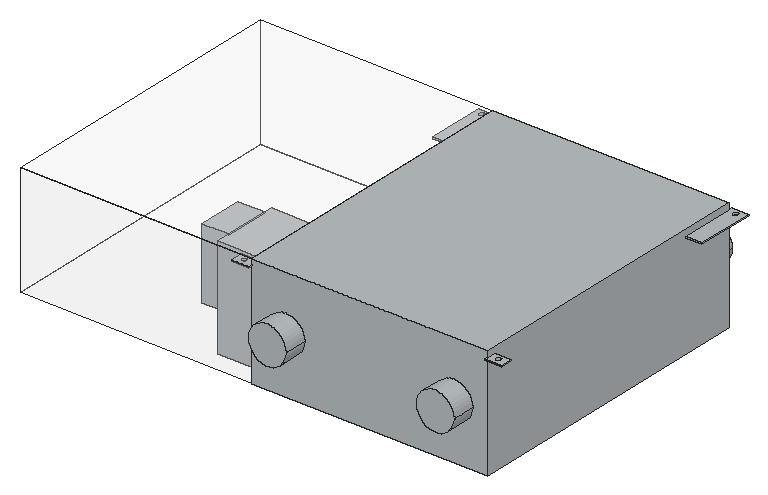
Revit family "lgh-rn15_100rxv(d)-c_50Hz", category 機械設備, Revit 2019
Family settings
  丸型コネクタ寸法 = 直径を使用
  パーツ タイプ = 割り込み
  OmniClass 番号 = 23.75.10.34.21
  OmniClass タイトル = Heat Exchangers for Ventilation Air
  作業面ベース = いいえ
  常に垂直 = はい
  ロード時にボイドで切り取り = いいえ
  共有 = いいえ
  部屋計算ポイント = はい
Parameters (values of type "LGH-RN15RXV-C")
  騒音レベル(dB(A)) = 31
  風量 = MAX風量  # 150.0 m³/h
  面風速 = 5.31 m/s
  電源種別 [instance] = "一般"
  電圧 = 100 V
  電動機出力 = 0 W
  集中コントローラ = ""
  運転質量 = 0.00 kg
  連動 [instance] = ""
  質量 = if(製品質量 > 運転質量, 製品質量, 運転質量) * 1.2  # 27.60 kg
  負荷分類 = 3_ファン類
  説明 = "業務用ロスナイ 天井埋込形 DCリプレースマイコン CO2センサー付"
  設計風量 = 0.0 m³/h
  設置方法 = "天井吊(隠ぺい)形"
  記号 [instance] = ""
  製造元 = "三菱電機株式会社"
  製品質量 = 23.00 kg
  製品出荷対象 = "国内"
  製品リリース年月 = "2020年10月1日"
  製品グループ = ""
  系統 [instance] = ""
  符号 [instance] = "HEU"
  積算_科目 = "1 空気調和設備"
  積算_拾い区分 [instance] = ""
  相 = 1
  盤記号 [instance] = ""
  発停方法 [instance] = "別売リモコン"
  特殊仕様 [instance] = ""
  点検口高さ = -Height / 2  # -145 mm
  点検口 = yes
  火災停止 [instance] = ""
  温度交換効率_特強 = 74.00%
  温度交換効率_強 = 74.00%
  温度交換効率_弱 = 78.00%
  消費電力 = 85 W
  法定耐用年数 = "15"
  機外静圧_排気 = 210.0 Pa
  機外静圧 = 210.0 Pa
  極数 = 2
  材質 [instance] = ""
  本体マテリアル = 溶融亜鉛めっき鋼板
  操作・制御方式 = ""
  操作・制御スイッチ = ""
  排気量 = 0.0 m³/h
  形式 = "天井埋込ダクト形"
  形名 = LGH-RN-1 : LGH-RN15-1
  幹線記号 [instance] = ""
  対象室 [instance] = ""
  実風量 = 0.0 m³/h
  始動方式 [instance] = "直入"
  外気量 = 設計風量  # 0.0 m³/h
  呼称 = "全熱交換ユニット"
  周波数 = 50 Hz
  天吊金具ピッチ幅 = 658 mm
  天吊金具ピッチ奥行 = 768 mm
  参照している仕様書等のバージョン = "公共建築工事標準仕様書（機械設備工事編）平成31年度版"
  初期抵抗 = 0.0 Pa
  分類コード = "50052504100070"
  分類グループ = ""
  価格 = 412200
  企業コード = "108420"
  付属品_フィルター_還気 = ""
  付属品_フィルター = ""
  付属品 [instance] = ""
  仕様書バージョン = "Version1.0"
  モデル = "LGH-RN15RXV-C"
  ドレン管径 = 0 mm
  OAダクト変更表示 = no
  EAダクト変更表示 = no
  サービススペース = yes
  コメント [instance] = ""
  Keynote = ""
  エンタルピ交換効率_暖房_特強 = 75.50%
  エンタルピ交換効率_暖房_強 = 75.50%
  エンタルピ交換効率_暖房_弱 = 79.00%
  エンタルピ交換効率_冷房_特強 = 64.50%
  エンタルピ交換効率_冷房_強 = 64.50%
  エンタルピ交換効率_冷房_弱 = 69.00%
  Width = 610 mm
  Version = ""
  Uniclass2015Version = "Systems v1.9"
  Uniclass2015Title = "Thermal wheels"
  Uniclass2015Code = "Pr_60_60_36_88"
  URL = "https://www.mitsubishielectric.co.jp/ldg/wink/ssl/displayProduct.do?pid=309810"
  SpecificationReference = ""
  SpecificationDescription = ""
  SMAX風量 = 150.0 m³/h
  SMAX静圧 = 210.0 Pa
  SAサイズ_D = 97.5 mm
  Revision = ""
  RAサイズ_D = 97.5 mm
  ProductInformation = ""
  OmniClassCode = "23-27 23 19 11"
  OAサイズ_W = 0 mm
  OAサイズ_D = 97.5 mm
  MIN風量 = 66.0 m³/h
  MIN静圧 = 35.0 Pa
  MID風量 = 108.0 m³/h
  MID静圧 = 93.0 Pa
  MAX風量 = 150.0 m³/h
  MAX静圧 = 180.0 Pa
  M = 59 mm
  IfcTypeProduct = ""
  IfcProduct = ""
  IfcExportType = "ROTARYWHEEL"
  IfcExportAs = "IfcAirToAirHeatRecoveryType"
  Height = 290 mm
  EAサイズ_W = 0 mm
  EAサイズ_D = 97.5 mm
  Depth = 780 mm
  Clearance Top = 0 mm  # constant formula
  Clearance Right = 0 mm  # constant formula
  Clearance Left = 600 mm  # constant formula
  Clearance Front = 0 mm  # constant formula
  Clearance Bottom = 0 mm  # constant formula
  Clearance Back = 0 mm  # constant formula
  Author = "三菱電機株式会社"
Types (14, lengths in mm): name | 騒音レベル(dB(A)) | 風量 | 面風速 | 電圧 | 質量 | 製品質量 | 点検口高さ | 温度交換効率_特強 | 温度交換効率_強 | 温度交換効率_弱 | 消費電力 | 機外静圧_排気 | 機外静圧 | 極数 | 形名 | 天吊金具ピッチ幅 | 天吊金具ピッチ奥行 | 参照している仕様書等のバージョン | 価格 | モデル | エンタルピ交換効率_暖房_特強 | エンタルピ交換効率_暖房_強 | エンタルピ交換効率_暖房_弱 | エンタルピ交換効率_冷房_特強 | エンタルピ交換効率_冷房_強 | エンタルピ交換効率_冷房_弱 | Width | URL | SMAX風量 | SMAX静圧 | SAサイズ_D | RAサイズ_D | OAサイズ_D | MIN風量 | MIN静圧 | MID風量 | MID静圧 | MAX風量 | MAX静圧 | M | Height | EAサイズ_D | Depth
  LGH-RN15RXVD-C | 31 | 150.0 m³/h | 5.31 m/s | 200 V | 27.60 kg | 23.00 kg | -145 | 74.00% | 74.00% | 78.00% | 85 W | 210.0 Pa | 210.0 Pa | 3 | LGH-RN-1 : LGH-RN15-1 | 658 | 768 | "公共建築工事標準仕様書（機械設備工事編）平成31年度版" | 412200 | "LGH-RN15RXVD-C" | 75.50% | 75.50% | 79.00% | 64.50% | 64.50% | 69.00% | 610 | "https://www.mitsubishielectric.co.jp/ldg/wink/ssl/displayProduct.do?pid=309809" | 150.0 m³/h | 210.0 Pa | 97.5 | 97.5 | 97.5 | 66.0 m³/h | 35.0 Pa | 108.0 m³/h | 93.0 Pa | 150.0 m³/h | 180.0 Pa | 59 | 290 | 97.5 | 780
  LGH-RN25RXVD-C | 30 | 250.0 m³/h | 3.93 m/s | 200 V | 28.80 kg | 24.00 kg | -145 | 70.00% | 70.00% | 78.00% | 110 W | 170.0 Pa | 170.0 Pa | 3 | LGH-RN-1 : LGH-RN25-1 | 782 | 768 | "公共建築工事標準仕様書（機械設備工事編）平成31年度版" | 433200 | "LGH-RN25RXVD-C" | 73.00% | 73.00% | 78.50% | 63.00% | 63.00% | 68.50% | 735 | "https://www.mitsubishielectric.co.jp/ldg/wink/ssl/displayProduct.do?pid=309804" | 250.0 m³/h | 170.0 Pa | 142 | 142 | 142 | 110.0 m³/h | 28.0 Pa | 180.0 m³/h | 75.0 Pa | 250.0 m³/h | 145.0 Pa | 69 | 290 | 142 | 780
  LGH-RN35RXVD-C | 33 | 350.0 m³/h | 5.5 m/s | 200 V | 39.60 kg | 33.00 kg | -165 | 71.50% | 71.50% | 75.00% | 210 W | 300.0 Pa | 300.0 Pa | 3 | LGH-RN-1 : LGH-RN35-1 | 921 | 875 | "公共建築工事標準仕様書（機械設備工事編）平成31年度版" | 458200 | "LGH-RN35RXVD-C" | 74.50% | 74.50% | 78.50% | 65.50% | 65.50% | 66.50% | 875 | "https://www.mitsubishielectric.co.jp/ldg/wink/ssl/displayProduct.do?pid=309808" | 350.0 m³/h | 300.0 Pa | 142 | 142 | 142 | 154.0 m³/h | 36.0 Pa | 252.0 m³/h | 96.0 Pa | 350.0 m³/h | 185.0 Pa | 69 | 330 | 142 | 890
  LGH-RN50RXVD-C | 37 | 500.0 m³/h | 4.42 m/s | 200 V | 44.40 kg | 37.00 kg | -165 | 71.00% | 71.00% | 75.00% | 315 W | 310.0 Pa | 310.0 Pa | 3 | LGH-RN-1 : LGH-RN50-1 | 1063 | 875 | "公共建築工事標準仕様書（機械設備工事編）平成31年度版" | 519200 | "LGH-RN50RXVD-C" | 73.00% | 73.00% | 77.50% | 63.00% | 63.00% | 66.50% | 1020 | "https://www.mitsubishielectric.co.jp/ldg/wink/ssl/displayProduct.do?pid=309806" | 500.0 m³/h | 310.0 Pa | 192 | 192 | 192 | 220.0 m³/h | 37.0 Pa | 360.0 m³/h | 98.0 Pa | 500.0 m³/h | 190.0 Pa | 84 | 330 | 192 | 890
  LGH-RN65RXVD-C | 40 | 650.0 m³/h | 5.75 m/s | 200 V | 51.60 kg | 43.00 kg | -202 | 71.50% | 71.50% | 76.00% | 445 W | 320.0 Pa | 320.0 Pa | 3 | LGH-RN-1 : LGH-RN65-1 | 1001 | 895 | "公共建築工事標準仕様書（機械設備工事編）平成31年度版" | 629200 | "LGH-RN65RXVD-C" | 72.00% | 72.00% | 76.00% | 63.00% | 63.00% | 67.00% | 892 | "https://www.mitsubishielectric.co.jp/ldg/wink/ssl/displayProduct.do?pid=309802" | 650.0 m³/h | 320.0 Pa | 192 | 192 | 192 | 286.0 m³/h | 45.0 Pa | 468.0 m³/h | 119.0 Pa | 650.0 m³/h | 230.0 Pa | 84 | 404 | 192 | 984
  LGH-RN80RXVD-C | 40 | 800.0 m³/h | 4.53 m/s | 200 V | 63.60 kg | 53.00 kg | -202 | 73.00% | 73.00% | 76.50% | 540 W | 310.0 Pa | 310.0 Pa | 3 | LGH-RN-1 : LGH-RN80-1 | 1051 | 1131 | "公共建築工事標準仕様書（機械設備工事編）平成31年度版" | 713200 | "LGH-RN80RXVD-C" | 75.00% | 75.00% | 78.00% | 65.00% | 65.00% | 68.00% | 1004 | "https://www.mitsubishielectric.co.jp/ldg/wink/ssl/displayProduct.do?pid=309801" | 800.0 m³/h | 310.0 Pa | 242 | 242 | 242 | 352.0 m³/h | 37.0 Pa | 576.0 m³/h | 98.0 Pa | 800.0 m³/h | 190.0 Pa | 84 | 404 | 242 | 1144
  LGH-RN100RXVD-C | 38 | 1000.0 m³/h | 5.66 m/s | 200 V | 69.60 kg | 58.00 kg | -202 | 73.00% | 73.00% | 75.00% | 580 W | 225.0 Pa | 225.0 Pa | 3 | LGH-RN-1 : LGH-RN100-1 | 1278 | 1131 | "" | 785200 | "LGH-RN100RXVD-C" | 75.00% | 75.00% | 76.50% | 65.00% | 65.00% | 67.50% | 1231 | "https://www.mitsubishielectric.co.jp/ldg/wink/ssl/displayProduct.do?pid=309812" | 1000.0 m³/h | 225.0 Pa | 242 | 242 | 242 | 440.0 m³/h | 32.0 Pa | 720.0 m³/h | 86.0 Pa | 1000.0 m³/h | 165.0 Pa | 84 | 404 | 242 | 1144
  LGH-RN15RXV-C | 31 | 150.0 m³/h | 5.31 m/s | 100 V | 27.60 kg | 23.00 kg | -145 | 74.00% | 74.00% | 78.00% | 85 W | 210.0 Pa | 210.0 Pa | 2 | LGH-RN-1 : LGH-RN15-1 | 658 | 768 | "公共建築工事標準仕様書（機械設備工事編）平成31年度版" | 412200 | "LGH-RN15RXV-C" | 75.50% | 75.50% | 79.00% | 64.50% | 64.50% | 69.00% | 610 | "https://www.mitsubishielectric.co.jp/ldg/wink/ssl/displayProduct.do?pid=309810" | 150.0 m³/h | 210.0 Pa | 97.5 | 97.5 | 97.5 | 66.0 m³/h | 35.0 Pa | 108.0 m³/h | 93.0 Pa | 150.0 m³/h | 180.0 Pa | 59 | 290 | 97.5 | 780
  LGH-RN25RXV-C | 30 | 250.0 m³/h | 3.93 m/s | 100 V | 28.80 kg | 24.00 kg | -145 | 70.00% | 70.00% | 78.00% | 110 W | 170.0 Pa | 170.0 Pa | 2 | LGH-RN-1 : LGH-RN25-1 | 782 | 768 | "公共建築工事標準仕様書（機械設備工事編）平成31年度版" | 433200 | "LGH-RN25RXV-C" | 73.00% | 73.00% | 78.50% | 63.00% | 63.00% | 68.50% | 735 | "https://www.mitsubishielectric.co.jp/ldg/wink/ssl/displayProduct.do?pid=309805" | 250.0 m³/h | 170.0 Pa | 142 | 142 | 142 | 110.0 m³/h | 28.0 Pa | 180.0 m³/h | 75.0 Pa | 250.0 m³/h | 145.0 Pa | 69 | 290 | 142 | 780
  LGH-RN35RXV-C | 33 | 350.0 m³/h | 5.5 m/s | 100 V | 39.60 kg | 33.00 kg | -165 | 71.50% | 71.50% | 75.00% | 210 W | 300.0 Pa | 300.0 Pa | 2 | LGH-RN-1 : LGH-RN35-1 | 921 | 875 | "公共建築工事標準仕様書（機械設備工事編）平成31年度版" | 458200 | "LGH-RN35RXV-C" | 74.50% | 74.50% | 78.50% | 65.50% | 65.50% | 66.50% | 875 | "https://www.mitsubishielectric.co.jp/ldg/wink/ssl/displayProduct.do?pid=309803" | 350.0 m³/h | 300.0 Pa | 142 | 142 | 142 | 154.0 m³/h | 36.0 Pa | 252.0 m³/h | 96.0 Pa | 350.0 m³/h | 185.0 Pa | 69 | 330 | 142 | 890
  LGH-RN50RXV-C | 37 | 500.0 m³/h | 4.42 m/s | 100 V | 44.40 kg | 37.00 kg | -165 | 71.00% | 71.00% | 75.00% | 315 W | 310.0 Pa | 310.0 Pa | 2 | LGH-RN-1 : LGH-RN50-1 | 1063 | 875 | "公共建築工事標準仕様書（機械設備工事編）平成31年度版" | 519200 | "LGH-RN50RXV-C" | 73.00% | 73.00% | 77.50% | 63.00% | 63.00% | 66.50% | 1020 | "https://www.mitsubishielectric.co.jp/ldg/wink/ssl/displayProduct.do?pid=309807" | 500.0 m³/h | 310.0 Pa | 192 | 192 | 192 | 220.0 m³/h | 37.0 Pa | 360.0 m³/h | 98.0 Pa | 500.0 m³/h | 190.0 Pa | 84 | 330 | 192 | 890
  LGH-RN65RXV-C | 40 | 650.0 m³/h | 5.75 m/s | 100 V | 51.60 kg | 43.00 kg | -202 | 71.50% | 71.50% | 76.00% | 445 W | 320.0 Pa | 320.0 Pa | 2 | LGH-RN-1 : LGH-RN65-1 | 1001 | 895 | "公共建築工事標準仕様書（機械設備工事編）平成31年度版" | 629200 | "LGH-RN65RXV-C" | 72.00% | 72.00% | 76.00% | 63.00% | 63.00% | 67.00% | 892 | "https://www.mitsubishielectric.co.jp/ldg/wink/ssl/displayProduct.do?pid=309799" | 650.0 m³/h | 320.0 Pa | 192 | 192 | 192 | 286.0 m³/h | 45.0 Pa | 468.0 m³/h | 119.0 Pa | 650.0 m³/h | 230.0 Pa | 84 | 404 | 192 | 984
  LGH-RN80RXV-C | 40 | 800.0 m³/h | 4.53 m/s | 100 V | 63.60 kg | 53.00 kg | -202 | 73.00% | 73.00% | 76.50% | 540 W | 310.0 Pa | 310.0 Pa | 2 | LGH-RN-1 : LGH-RN80-1 | 1051 | 1131 | "公共建築工事標準仕様書（機械設備工事編）平成31年度版" | 713200 | "LGH-RN80RXV-C" | 75.00% | 75.00% | 78.00% | 65.00% | 65.00% | 68.00% | 1004 | "https://www.mitsubishielectric.co.jp/ldg/wink/ssl/displayProduct.do?pid=309800" | 800.0 m³/h | 310.0 Pa | 242 | 242 | 242 | 352.0 m³/h | 37.0 Pa | 576.0 m³/h | 98.0 Pa | 800.0 m³/h | 190.0 Pa | 84 | 404 | 242 | 1144
  LGH-RN100RXV-C | 38 | 1000.0 m³/h | 5.66 m/s | 100 V | 69.60 kg | 58.00 kg | -202 | 73.00% | 73.00% | 75.00% | 580 W | 225.0 Pa | 225.0 Pa | 2 | LGH-RN-1 : LGH-RN100-1 | 1278 | 1131 | "" | 785200 | "LGH-RN100RXV-C" | 75.00% | 75.00% | 76.50% | 65.00% | 65.00% | 67.50% | 1231 | "https://www.mitsubishielectric.co.jp/ldg/wink/ssl/displayProduct.do?pid=309813" | 1000.0 m³/h | 225.0 Pa | 242 | 242 | 242 | 440.0 m³/h | 32.0 Pa | 720.0 m³/h | 86.0 Pa | 1000.0 m³/h | 165.0 Pa | 84 | 404 | 242 | 1144
Reference planes
  plane 1 "中心(正面/背面)": y = 0
  plane 2: z = 0
  plane 3 "中心(左/右)": x = 0
  plane 4 "4": x = 0
  plane 5 "3": x = 0
  plane 6 "左": x = -305
  plane 7 "右": x = 305
  plane 8 "背面": y = 390
  plane 9 "正面": y = -390
  plane 10: z = 145
  plane 11: y = 384
  plane 12: y = -384
  plane 13: x = 329
  plane 14: x = -329
  plane 15: z = -145
  plane 16: y = 390
  plane 17: y = -390
  plane 18: x = 305
  plane 19: x = -905
  plane 20: z = 145
  plane 21: z = -145
  plane 22: y = 225
  plane 23: x = -455
  plane 24: y = -225
Dimensions and locks
  equal spacing: plane 6 "左", plane 5 "3", plane 7 "右"
  "Width": plane 6 "左" to plane 7 "右"
  equal spacing: plane 9 "正面", plane 1 "中心(正面/背面)", plane 8 "背面"
  "Depth": plane 9 "正面" to plane 8 "背面"
  equal spacing: plane 10, level, plane 15
  "Height": plane 10 to plane 15
  equal spacing: plane 14, plane 5 "3", plane 13
  "天吊金具ピッチ幅": plane 14 to plane 13
  equal spacing: plane 12, plane 1 "中心(正面/背面)", plane 11
  "天吊金具ピッチ奥行": plane 12 to plane 11
  "Clearance Front": plane 17 to plane 9 "正面"
  "Clearance Back": plane 8 "背面" to plane 16
  "Clearance Right": plane 7 "右" to plane 18
  "Clearance Left": plane 19 to plane 6 "左"
  "Clearance Bottom": plane 15 to plane 21
  "Clearance Top": plane 20 to plane 10
  plane 17 to plane 9 "正面" = 0 mm
  locked: plane 19 to plane 23 at 450
  equal spacing: plane 24, plane 1 "中心(正面/背面)", plane 22
  locked: plane 24 to plane 22 at 450
  aligned and locked: level to plane 2
  aligned and locked: nested 1 to plane 11
  aligned and locked: plane 12 to nested 1
  aligned and locked: plane 14 to nested 1
  aligned and locked: plane 13 to nested 1
  aligned and locked: plane 10 to nested 2
  aligned and locked: plane 19 to nested 3
  aligned and locked: plane 20 to nested 3
  aligned and locked: plane 21 to nested 3
  aligned and locked: plane 17 to nested 3
  aligned and locked: plane 1 "中心(正面/背面)" to nested 2
  aligned and locked: nested 2 to plane 5 "3"
  aligned and locked: plane 16 to nested 3
  aligned and locked: plane 6 "左" to nested 3
  aligned and locked: plane 23 to nested 4
  aligned and locked: nested 4 to plane 24
  aligned and locked: plane 19 to nested 4
  aligned and locked: plane 22 to nested 4
Nested families
  nested 1: "固定点" at (-329, -384, 0), type "固定点"
    with W 658 mm, D 768 mm
  nested 2: "LGH-RN-1" at (0, 0, -145) x (0, -1, 0) z (0, 0, 1), type <- "形名", type "LGH-RN15-1"
  nested 3: "サービススペース" at (-605, 0, 0), visible <- "サービススペース", type "サービススペース"
    with Width 600 mm, Height 290 mm, Depth 780 mm
  nested 4: "点検口設置範囲" at (-680, 0, -145), visible <- "点検口", built-in parameter 1001364 <- "点検口高さ", type "点検口設置範囲"
    with Width 450 mm, Depth 450 mm
Connectors
  hvac at (-217.5, -449, 0), driven by "SAサイズ_D", driven by "機外静圧", driven by "風量"
    settings: on nested 2, index 2, duct flow 150.0 m³/h, flow factor 0, pres drop 210.0 Pa, loss coef 0, conn angle 0.00°, conn width 304.8 mm, conn height 304.8 mm, conn diameter 97.5 mm, duct sys type 1, conn prof type 0, flow config 0, flow direction 2, loss method 4, conn ref index -1, conn util no, is conn primary yes, conn desc ""
  hvac at (217.5, -449, 0), driven by "RAサイズ_D", driven by "機外静圧", driven by "風量"
    settings: on nested 2, index 3, duct flow 150.0 m³/h, flow factor 0, pres drop 210.0 Pa, loss coef 0, conn angle 0.00°, conn width 304.8 mm, conn height 304.8 mm, conn diameter 97.5 mm, duct sys type 2, conn prof type 0, flow config 0, flow direction 1, loss method 4, conn ref index -1, conn util no, is conn primary no, conn desc ""
  hvac at (-217.5, 449, 0), driven by "EAサイズ_D", driven by "機外静圧", driven by "排気量"
    settings: on nested 2, index 4, duct flow 0.0 m³/h, flow factor 0, pres drop 210.0 Pa, loss coef 0, conn angle 0.00°, conn width 304.8 mm, conn height 304.8 mm, conn diameter 97.5 mm, duct sys type 3, conn prof type 0, flow config 0, flow direction 2, loss method 4, conn ref index -1, conn util no, is conn primary no, conn desc ""
  hvac at (-217.5, 449, 0), driven by "OAサイズ_D", driven by "機外静圧", driven by "外気量"
    settings: on nested 2, index 5, duct flow 0.0 m³/h, flow factor 0, pres drop 210.0 Pa, loss coef 0, conn angle 0.00°, conn width 304.8 mm, conn height 304.8 mm, conn diameter 97.5 mm, duct sys type 4, conn prof type 0, flow config 0, flow direction 1, loss method 4, conn ref index -1, conn util no, is conn primary no, conn desc ""
  hvac at (364, 272, 0), driven by "EAサイズ_D", driven by "機外静圧", driven by "排気量"
    settings: on nested 2, index 7, duct flow 0.0 m³/h, flow factor 0, pres drop 210.0 Pa, loss coef 0, conn angle 0.00°, conn width 304.8 mm, conn height 304.8 mm, conn diameter 97.5 mm, duct sys type 3, conn prof type 0, flow config 0, flow direction 2, loss method 4, conn ref index -1, conn util no, is conn primary no, conn desc ""
  hvac at (-364, 272, 0), driven by "OAサイズ_D", driven by "機外静圧", driven by "外気量"
    settings: on nested 2, index 8, duct flow 0.0 m³/h, flow factor 0, pres drop 210.0 Pa, loss coef 0, conn angle 0.00°, conn width 304.8 mm, conn height 304.8 mm, conn diameter 97.5 mm, duct sys type 4, conn prof type 0, flow config 0, flow direction 1, loss method 4, conn ref index -1, conn util no, is conn primary no, conn desc ""
  hvac at (217.5, 449, 0), driven by "EAサイズ_D", driven by "機外静圧", driven by "排気量"
    settings: on nested 2, index 9, duct flow 0.0 m³/h, flow factor 0, pres drop 210.0 Pa, loss coef 0, conn angle 0.00°, conn width 304.8 mm, conn height 304.8 mm, conn diameter 97.5 mm, duct sys type 3, conn prof type 0, flow config 0, flow direction 2, loss method 4, conn ref index -1, conn util no, is conn primary no, conn desc ""
  electrical at (-362.5, -357, -0.5), driven by "極数", driven by "負荷分類", driven by "電圧", driven by "消費電力"
    settings: on nested 2, index 10, voltage 100 V, apparent load 85 VA, apparent load phase1 0 VA, apparent load phase2 0 VA, apparent load phase3 0 VA, power factor 1, load classification "3_ファン類", number of poles 2, system type 30, power factor state 1, is connector primary yes, connector utility no, sub classification motor no, connector description ""
Definition of nested family "LGH-RN-1"
  Parameters (values of type "LGH-RN65-1")
    吊りボルト-φ = 13 mm
    吊りボルト-W1 = 895 mm
    吊りボルト-D1 = 1001 mm
    マテリアル = none
    ダクト間 = 620 mm
    ダクト変更位置 = 122 mm
    OA変更 = no
    OA標準 = not(OA変更)  # yes
    EA変更 = no
    EA標準 = not(EA変更)  # yes
    コントロール手前位置 = 71 mm
    コントロール上位置 = 57 mm
    φ = 192 mm
    吊りボルト-H = 15 mm
    M = 84 mm
    W = 984 mm
    H = 404 mm
    D = 892 mm
    CO2センサー手前位置 = 107 mm
    CO2センサー上位置 = 56 mm
  Types (7, lengths in mm): name | 吊りボルト-W1 | 吊りボルト-D1 | ダクト間 | ダクト変更位置 | コントロール手前位置 | コントロール上位置 | φ | 吊りボルト-H | M | W | H | D | CO2センサー手前位置 | CO2センサー上位置
    LGH-RN100-1 | 1131 | 1278 | 917 | 165 | 146 | 88 | 242 | 15 | 84 | 1144 | 404 | 1231 | 182 | 87
    LGH-RN80-1 | 1131 | 1051 | 690 | 165 | 146 | 88 | 242 | 15 | 84 | 1144 | 404 | 1004 | 182 | 87
    LGH-RN65-1 | 895 | 1001 | 620 | 122 | 71 | 57 | 192 | 15 | 84 | 984 | 404 | 892 | 107 | 56
    LGH-RN35-1 | 875 | 921 | 600 | 140 | 68 | 23 | 142 | 19 | 69 | 890 | 330 | 875 | 104 | 22
    LGH-RN25-1 | 768 | 782 | 520 | 118 | 33 | 15 | 142 | 15 | 69 | 780 | 290 | 735 | 69 | 14
    LGH-RN50-1 | 875 | 1063 | 700 | 130 | 68 | 23 | 192 | 19 | 84 | 890 | 330 | 1020 | 104 | 22
    LGH-RN15-1 | 768 | 658 | 435 | 118 | 33 | 15 | 97.5 | 15 | 59 | 780 | 290 | 610 | 69 | 14
  Reference planes
    plane 1 "中心(正面/背面)": y = 0
    plane 2: z = 0
    plane 3 "中心(左/右)": x = 0
    plane 4: y = 446
    plane 5: y = 500.5
    plane 6: y = 520.5
    plane 7: y = -446
    plane 8: y = -500.5
    plane 9: y = -520.5
    plane 10: x = -492
    plane 11: x = 492
    plane 12: z = 404
    plane 13: x = -213
    plane 14: x = 576
    plane 15: x = -576
    plane 16: z = 202
    plane 17: y = 310
    plane 18: y = -310
    plane 19: x = -447.5
    plane 20: x = 447.5
    plane 21: x = 164
    plane 22: x = -164
    plane 23: y = -561
    plane 24: y = -630
    plane 25: x = 421
    plane 26: x = 381.333
    plane 27: x = 246
    plane 28: z = 336.667
    plane 29: z = 269.333
    plane 30: z = 134.667
    plane 31: z = 67.333
    plane 32: x = 385
    plane 33: x = 270
    plane 34: x = -501
    plane 35: x = 501
    plane 36: x = 432.5
    plane 37: x = -312.5
    plane 38: z = 389
    plane 39: z = 386
    plane 40: z = 347
    plane 41: z = 348
    plane 42: z = 165
    plane 43: z = 86
    plane 44: x = -370
    plane 45: y = 530
    plane 46: y = -530
  Forms (mm)
    Extrusion 1, solid, material <- "マテリアル", detail levels fine
      sketch origin (0, 0, 0) x (1, 0, 0) y (0, 1, 0)
        loop
          line (-492, 446) -> (-492, -446) -> (492, -446) -> (492, 446) -> (-492, 446)
      from 0 to 404
    Extrusion 2, solid, material <- "マテリアル", visible <- "OA標準", detail levels fine
      sketch origin (0, 0, 0) x (0, 1, 0) y (0, 0, 1)
        loop
          circle (-310, 202) r 96
      from -492 to -576
    Extrusion 3, solid, material <- "マテリアル", detail levels fine
      sketch origin (0, 0, 0) x (0, 1, 0) y (0, 0, -1)
        loop
          circle (-310, -202) r 96
        loop
          circle (310, -202) r 96
      from -492 to -576
    Extrusion 4, solid, material <- "マテリアル", detail levels fine
      sketch origin (0, 0, 0) x (1, 0, 0) y (0, 0, 1)
        loop
          line (246, 347) -> (246, 86) -> (421, 86) -> (421, 347) -> (246, 347)
      from 446 to 561
    Extrusion 5, solid, material <- "マテリアル", detail levels fine
      sketch origin (0, 0, 0) x (1, 0, 0) y (0, 0, 1)
        loop
          line (270, 348) -> (270, 165) -> (385, 165) -> (385, 348) -> (270, 348)
      from 561 to 630
    Extrusion 6, solid, material <- "マテリアル", detail levels fine
      sketch origin (0, 0, 0) x (1, 0, 0) y (0, 1, 0)
        loop
          line (-501, 520.5) -> (-501, 446) -> (-312.5, 446) -> (-312.5, 520.5) -> (-501, 520.5)
        loop
          line (-501, -446) -> (-501, -520.5) -> (-312.5, -520.5) -> (-312.5, -446) -> (-501, -446)
        loop
          line (432.5, 520.5) -> (432.5, 446) -> (501, 446) -> (501, 520.5) -> (432.5, 520.5)
        loop
          line (432.5, -520.5) -> (501, -520.5) -> (501, -446) -> (432.5, -446) -> (432.5, -520.5)
        loop
          circle (-447.5, 500.5) r 6.5
        loop
          circle (447.5, 500.5) r 6.5
        loop
          circle (-447.5, -500.5) r 6.5
        loop
          circle (447.5, -500.5) r 6.5
      from 386 to 389
    Extrusion 7, solid, material <- "マテリアル", visible <- "OA変更", detail levels fine
      sketch origin (0, 0, 0) x (1, 0, 0) y (0, 0, 1)
        loop
          circle (-370, 202) r 96
      from 446 to 530
    Extrusion 8, solid, material <- "マテリアル", visible <- "EA変更", detail levels fine
      sketch origin (0, 0, 0) x (1, 0, 0) y (0, 0, -1)
        loop
          circle (-370, -202) r 96
      from 446 to 530
    Extrusion 9, solid, material <- "マテリアル", visible <- "EA標準", detail levels fine
      sketch origin (0, 435, 0) x (0, 1, 0) y (0, 0, 1)
        loop
          circle (-125, 202) r 96
      from -492 to -576
  Dimensions and locks
    "W": plane 10 to plane 11
    "吊りボルト-D1": plane 8 to plane 5
    "D": plane 7 to plane 4
    equal spacing: plane 7, plane 1 "中心(正面/背面)", plane 4
    equal spacing: plane 10, plane 3 "中心(左/右)", plane 11
    "H": plane 12 to level
    "M": plane 15 to plane 10
    "M": plane 11 to plane 14
    equal spacing: plane 8, plane 1 "中心(正面/背面)", plane 5
    equal spacing: plane 18, plane 1 "中心(正面/背面)", plane 17
    "ダクト間": plane 18 to plane 17
    equal spacing: plane 19, plane 3 "中心(左/右)", plane 20
    "吊りボルト-W1": plane 19 to plane 20
    plane 15 to plane 14 = 1152 mm
    equal spacing: plane 10, plane 22, plane 21, plane 11
    plane 11 to plane 21 to plane 22 to plane 10 = 328 mm, 328 mm, 328 mm
    locked: plane 23 to plane 7 at 115
    locked: plane 24 to plane 7 at 184
    equal spacing: plane 12, plane 28, plane 29, plane 16, plane 30, plane 31, level
    locked: plane 5 to plane 6 at 20
    locked: plane 9 to plane 8 at 20
    locked: plane 38 to plane 39 at 3
    "吊りボルト-H": plane 12 to plane 38
    locked: plane 19 to plane 37 at 135
    locked: plane 36 to plane 20 at 15
    locked: plane 34 to plane 10 at 9
    locked: plane 11 to plane 35 at 9
    "コントロール手前位置": plane 25 to plane 11
    locked: plane 33 to plane 32 at 115
    locked: plane 27 to plane 25 at 175
    "CO2センサー手前位置": plane 32 to plane 11
    "コントロール上位置": plane 12 to plane 40
    "CO2センサー上位置": plane 12 to plane 41
    locked: plane 41 to plane 42 at 183
    locked: plane 40 to plane 43 at 261
    "ダクト変更位置": plane 10 to plane 44
    "M": plane 4 to plane 45
    "M": plane 46 to plane 7
    "φ": diameter of Extrusion 2 sketch curve
    "φ": diameter of Extrusion 3 sketch curve  (x2)
    "吊りボルト-φ": diameter of Extrusion 6 sketch curve  (x4)
    "φ": diameter of Extrusion 7 sketch curve
    "φ": diameter of Extrusion 8 sketch curve
    "φ": diameter of Extrusion 9 sketch curve
    aligned and locked: level to plane 2
    aligned and locked: plane 4 to Extrusion 1 sketch curve
    aligned and locked: plane 10 to Extrusion 1 sketch curve
    aligned and locked: Extrusion 1 sketch curve to plane 7
    aligned and locked: Extrusion 1 sketch curve to plane 11
    aligned and locked: plane 12 to Extrusion 1
    aligned and locked: plane 16 to Extrusion 2 sketch curve
    aligned and locked: Extrusion 2 to plane 15
    aligned and locked: plane 14 to Extrusion 3
    aligned and locked: plane 18 to Extrusion 3 sketch curve
    aligned and locked: plane 16 to Extrusion 3 sketch curve  (x2)
    aligned and locked: plane 18 to Extrusion 2 sketch curve
    aligned and locked: plane 17 to Extrusion 3 sketch curve
    aligned and locked: Extrusion 4 sketch curve to plane 25
    aligned and locked: plane 27 to Extrusion 4 sketch curve
    aligned and locked: plane 33 to Extrusion 5 sketch curve
    aligned and locked: Extrusion 5 sketch curve to plane 32
    aligned and locked: plane 7 to Extrusion 4
    aligned and locked: plane 23 to Extrusion 4
    aligned and locked: plane 23 to Extrusion 5
    aligned and locked: plane 24 to Extrusion 5
    aligned and locked: plane 6 to Extrusion 6 sketch curve  (x2)
    aligned and locked: plane 34 to Extrusion 6 sketch curve  (x2)
    aligned and locked: Extrusion 6 sketch curve to plane 4  (x2)
    aligned and locked: Extrusion 6 sketch curve to plane 37  (x2)
    aligned and locked: plane 7 to Extrusion 6 sketch curve
    aligned and locked: Extrusion 6 sketch curve to plane 9
    aligned and locked: Extrusion 6 sketch curve to plane 35
    aligned and locked: plane 9 to Extrusion 6 sketch curve
    aligned and locked: Extrusion 6 sketch curve to plane 7
    aligned and locked: plane 35 to Extrusion 6 sketch curve
    aligned and locked: plane 8 to Extrusion 6 sketch curve  (x2)
    aligned and locked: plane 5 to Extrusion 6 sketch curve  (x2)
    aligned and locked: plane 19 to Extrusion 6 sketch curve  (x2)
    aligned and locked: plane 20 to Extrusion 6 sketch curve  (x2)
    aligned and locked: Extrusion 6 to plane 39
    aligned and locked: plane 38 to Extrusion 6
    aligned and locked: Extrusion 6 sketch curve to plane 36  (x2)
    aligned and locked: Extrusion 5 sketch curve to plane 41
    aligned and locked: plane 42 to Extrusion 5 sketch curve
    aligned and locked: Extrusion 4 sketch curve to plane 40
    aligned and locked: plane 43 to Extrusion 4 sketch curve
    aligned and locked: plane 16 to Extrusion 7 sketch curve
    aligned and locked: plane 44 to Extrusion 7 sketch curve
    aligned and locked: plane 46 to Extrusion 7
    aligned and locked: Extrusion 8 to plane 45
    aligned and locked: plane 16 to Extrusion 8 sketch curve
    aligned and locked: plane 44 to Extrusion 8 sketch curve
    aligned and locked: plane 16 to Extrusion 9 sketch curve
    aligned and locked: plane 17 to Extrusion 9 sketch curve
    aligned and locked: Extrusion 9 to plane 15
    aligned and locked: Extrusion 3 to plane 11
    aligned and locked: plane 10 to Extrusion 9
    aligned and locked: plane 10 to Extrusion 2
    aligned and locked: plane 4 to Extrusion 8
    aligned and locked: Extrusion 7 to plane 7
Definition of nested family "サービススペース"
  Parameters (values of type "サービススペース")
    Width [instance] = 500 mm
    Height [instance] = 500 mm
    Depth [instance] = 500 mm
  Reference planes
    plane 1 "中心(正面/背面)": y = 0
    plane 2: z = 0
    plane 3 "中心(左/右)": x = 0
    plane 4: y = -250
    plane 5: x = 250
    plane 6: y = 250
    plane 7: x = -250
    plane 8: z = 250
    plane 9: z = -250
  Forms (mm)
    Extrusion 1, solid
      sketch origin (-638.939, 0, 72.39) x (1, 0, 0) y (0, 1, 0)
        loop
          line (388.939, 250) -> (388.939, -250) -> (888.939, -250) -> (888.939, 250) -> (388.939, 250)
      from -322.39 to 177.61
  Lines and regions (mm)
    symbolic lines
      curve 1: line (-250, 0, 250) -> (250, 0, 250)
      curve 2: line (-250, 0, -250) -> (-250, 0, 250)
      curve 3: line (250, 0, -250) -> (-250, 0, -250)
      curve 4: line (250, 0, 250) -> (250, 0, -250)
      curve 5: line (0, -250, 250) -> (0, 250, 250)
      curve 6: line (0, -250, -250) -> (0, -250, 250)
      curve 7: line (0, 250, -250) -> (0, -250, -250)
      curve 8: line (0, 250, 250) -> (0, 250, -250)
      curve 9: line (-250, 250, 0) -> (250, 250, 0)
      curve 10: line (-250, -250, 0) -> (-250, 250, 0)
      curve 11: line (250, -250, 0) -> (-250, -250, 0)
      curve 12: line (250, 250, 0) -> (250, -250, 0)
  Dimensions and locks
    equal spacing: plane 7, plane 3 "中心(左/右)", plane 5
    equal spacing: plane 4, plane 1 "中心(正面/背面)", plane 6
    "Depth": plane 4 to plane 6
    "Width": plane 7 to plane 5
    equal spacing: plane 8, plane 2, plane 9
    "Height": plane 8 to plane 9
    aligned and locked: plane 9 to curve 3
    aligned and locked: plane 7 to curve 2
    aligned and locked: curve 4 to plane 5
    aligned and locked: plane 5 to Extrusion 1
    aligned and locked: Extrusion 1 to plane 7
    aligned and locked: Extrusion 1 to plane 9
    aligned and locked: plane 8 to Extrusion 1
    aligned and locked: plane 9 to curve 7
  Automatic sketch dimensions
    plane 4 to Extrusion 1 sketch curve = 0 mm
    Extrusion 1 sketch curve to plane 7 = 0 mm
    Extrusion 1 sketch curve to plane 5 = 0 mm
    plane 6 to Extrusion 1 sketch curve = 0 mm
    curve 2 to plane 8 = 0 mm
    plane 4 to curve 11 = 0 mm
    curve 11 to plane 7 = 0 mm
    curve 11 to plane 5 = 0 mm
    plane 6 to curve 10 = 0 mm
    curve 7 to plane 4 = 0 mm
    curve 7 to plane 6 = 0 mm
    curve 6 to plane 8 = 0 mm
Definition of nested family "固定点"
  Parameters (values of type "固定点")
    中心円 = 11 mm
    W [instance] = 1000 mm
    D [instance] = 1000 mm
  Reference planes
    plane 1 "中心(正面/背面)": y = 0
    plane 2: z = 0
    plane 3 "中心(左/右)": x = 0
    plane 4: x = 1000
    plane 5: y = 1000
  Lines and regions (mm)
    symbolic lines, detail levels fine
      curve 1: circle (0, 1000, 0) r 5.5 normal (0, 0, 1)
      curve 2: circle (0, 0, 0) r 5.5 normal (0, 0, 1)
      curve 3: circle (1000, 1000, 0) r 5.5 normal (0, 0, 1)
      curve 4: circle (1000, 0, 0) r 5.5 normal (0, 0, 1)
      curve 5: line (-200, 1000, 0) -> (1200, 1000, 0)
      curve 6: line (-200, 0, 0) -> (1200, 0, 0)
      curve 7: line (0, 1200, 0) -> (0, -200, 0)
      curve 8: line (1000, 1200, 0) -> (1000, -200, 0)
  Dimensions and locks
    "W": plane 3 "中心(左/右)" to plane 4
    "D": plane 1 "中心(正面/背面)" to plane 5
    "中心円": diameter of curve 1
    "中心円": diameter of curve 2
    "中心円": diameter of curve 3
    "中心円": diameter of curve 4
    aligned and locked: level to plane 2
    aligned and locked: plane 5 to curve 1
    aligned and locked: plane 3 "中心(左/右)" to curve 1
    aligned and locked: plane 3 "中心(左/右)" to curve 2
    aligned and locked: plane 1 "中心(正面/背面)" to curve 2
    aligned and locked: plane 4 to curve 3
    aligned and locked: plane 5 to curve 3
    aligned and locked: plane 1 "中心(正面/背面)" to curve 4
    aligned and locked: plane 4 to curve 4
    aligned and locked: plane 1 "中心(正面/背面)" to curve 6
    aligned and locked: curve 7 to plane 3 "中心(左/右)"
    aligned and locked: curve 8 to plane 4
  Automatic sketch dimensions
    curve 5 to plane 5 = 0 mm
    curve 6 to plane 3 "中心(左/右)" = 200 mm
    curve 5 to plane 3 "中心(左/右)" = 200 mm
    curve 4 to curve 6 = 200 mm
    curve 3 to curve 5 = 200 mm
    plane 1 "中心(正面/背面)" to curve 8 = 200 mm
    plane 1 "中心(正面/背面)" to curve 7 = 200 mm
    curve 3 to curve 8 = 200 mm
    curve 1 to curve 7 = 200 mm
Definition of nested family "点検口設置範囲"
  Parameters (values of type "点検口設置範囲")
    Width [instance] = 1000 mm
    Depth [instance] = 700 mm
  Reference planes
    plane 1 "中心(正面/背面)": y = 0
    plane 2: z = 0
    plane 3 "中心(左/右)": x = 0
    plane 4: x = -500
    plane 5: x = 500
    plane 6: y = -350
    plane 7: y = 350
  Lines and regions (mm)
    model lines
      curve 1: line (-500, 350, 0) -> (500, 350, 0)
      curve 2: line (-500, -350, 0) -> (-500, 350, 0)
      curve 3: line (500, -350, 0) -> (-500, -350, 0)
      curve 4: line (500, 350, 0) -> (500, -350, 0)
  Dimensions and locks
    "Depth": plane 7 to plane 6
    "Width": plane 4 to plane 5
    equal spacing: plane 7, plane 1 "中心(正面/背面)", plane 6
    equal spacing: plane 4, plane 3 "中心(左/右)", plane 5
    aligned and locked: level to plane 2
    aligned and locked: plane 4 to curve 2
    aligned and locked: curve 1 to plane 7
    aligned and locked: curve 4 to plane 5
    aligned and locked: plane 6 to curve 3
